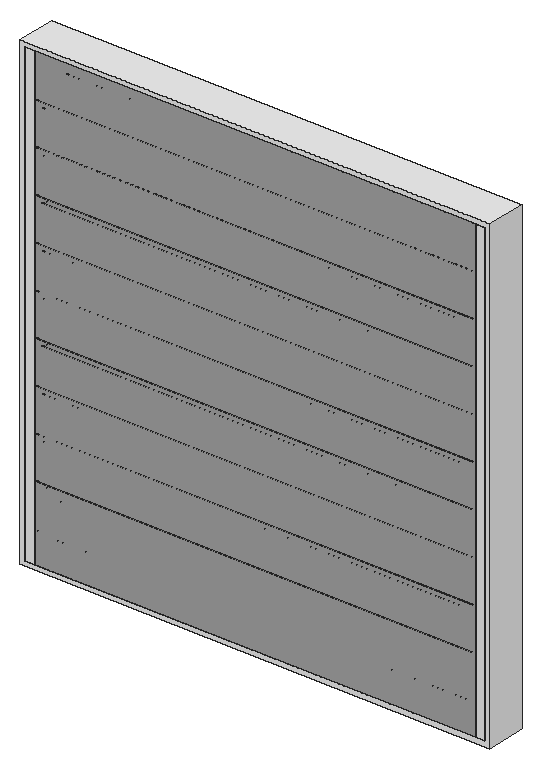
Revit family
Parameters (values of type "Louver_Non-Drnable_EFK-445_All-Lite")
  URL = "http://www.alllite-louvers.com"
  Specifications = "http://www.alllite-louvers.com/catalog/AEFK-445-csi-specification.doc"
  Spacing = 0.417 ft
  SmartBIM Object Version = 3  # constant formula
  SmartBIM Object Created By = "Reed Construction Data"  # constant formula
  Shim Thickness = 0.042 ft
  Screen Width = Width - (2 * Shim Thickness) - 0.166667 ft  # 3.749333 ft
  Screen Height = Height - (2 * Shim Thickness)  # 3.916 ft
  Screen = Aluminum
  Rough Width = 0.0 ft
  Rough Height = 0.0 ft
  Product URL = "http://www.alllite-louvers.com/catalog.php?model=EFK-445"
  Pressure Loss (in.wg.) = "0.08"  # constant formula
  OmniClass Title = "Exterior Louvers and Grilles"  # constant formula
  OmniClass Code = "23-60 11 17"  # constant formula
  Model Number = "EFK-445"  # constant formula
  Minimum Size = "4.5\" x 8.5\""
  Maximum Size - Single Section = "60\" x 120\" or 120\" x 60\""
  Maximum Size - Multiple Section = "Unlimited"
  Manufacturer = "All-Lite"  # constant formula
  Louver Width = Width - (2 * Shim Thickness) - 0.166667 ft  # 3.749333 ft
  Louver = Mill finish, 6063-T5 Extruded Aluminum
  Installation = "http://www.alllite-louvers.com/catalog/Installation.pdf"
  Height = 4.0 ft
  Free Area for 48”x48” Louver = "50.0%"
  Free Area Velocity (fpm) = "689"  # constant formula
  Free Area (ft²) for 48"x48" Louver = 8.0 ft
  Frame = Mill finish, 6063-T5 Extruded Aluminum
  Default Sill Height = 3.0 ft
  Wall Closure = (empty or 0)
  Width = 4.0 ft
  Cut Sheet = "http://www.alllite-louvers.com/catalog/AEFK445.pdf"
  Assembly Code = "B2010300"
  Air Volume Delivered (cfm) = "5,549"  # constant formula
  95 CSI = "10200 "  # constant formula
  04 CSI = "08 91 00"  # constant formula
  # of Louvers = (Height - 0.25 ft) / (Spacing)  # 9
Reference planes (ft)
  plane 1 "Center (Front/Back)": y = 0
  plane 2: z = 0.291667
  plane 3 "Center (Left/Right)": x = 0
  plane 4 "Left": x = -2
  plane 5 "Right": x = 2
  plane 6 "Sill": z = 3.291667
  plane 7 "Top": z = 7.291667
  plane 8: x = -1.958
  plane 9: x = 1.958
  plane 10: z = 7.249667
  plane 11: z = 3.333667
  plane 12: z = 5.291667
  plane 13: z = 3.417
  plane 14: z = 3.584963
  plane 15: z = 6.937167
Forms (ft)
  Sweep 1, solid, material "Mill finish, 6063-T5 Extruded Aluminum" <- "Frame"
    path origin (-5, 0.333333, 0) x (-1, 0, 0) y (0, 0, 1)
      loop
        line (-6.874667, 7.249667) -> (-3.125333, 7.249667)
    profile "Head Horizontal Mullion : Head Horizontal Mullion" origin (0, 0.333333, 7.249667) x (0, 0, 1) y (0, 1, 0)
      loop
        arc (-0.070516, -0.250143) -> (-0.066098, -0.250275) -> (-0.065966, -0.245857) r 0.003125
        arc (-0.065966, -0.245857) -> (-0.072458, -0.24206) -> (-0.079973, -0.242379) r 0.013333
        arc (-0.079973, -0.242379) -> (-0.082687, -0.24204) -> (-0.084094, -0.239694) r 0.003125
        line (-0.084094, -0.239694) -> (-0.091772, -0.151927) -> (-0.077226, -0.00675) -> (-0.00675, -0.00675) -> (-0.00675, -0.03125) -> (0, -0.03125) -> (0, 0) -> (-0.083333, 0) -> (-0.098239, -0.148762)
        arc (-0.098239, -0.148762) -> (-0.100294, -0.151392) -> (-0.103551, -0.150667) r 0.003125
        line (-0.103551, -0.150667) -> (-0.252247, -0.002871)
        arc (-0.252247, -0.002871) -> (-0.255444, -0.000746) -> (-0.259209, 0) r 0.009875
        line (-0.259209, 0) -> (-0.315786, 0)
        arc (-0.315786, 0) -> (-0.319161, -0.003375) -> (-0.315786, -0.00675) r 0.003375
        line (-0.315786, -0.00675) -> (-0.25792, -0.00675) -> (-0.203148, -0.06119)
        arc (-0.203148, -0.06119) -> (-0.202259, -0.06386) -> (-0.203876, -0.066162) r 0.003125
        arc (-0.203876, -0.066162) -> (-0.205688, -0.067329) -> (-0.207288, -0.068774) r 0.013333
        arc (-0.207288, -0.068774) -> (-0.207157, -0.073191) -> (-0.202739, -0.07306) r 0.003125
        arc (-0.202739, -0.07306) -> (-0.1905, -0.077917) -> (-0.202739, -0.082774) r 0.007083
        arc (-0.202739, -0.082774) -> (-0.207157, -0.082642) -> (-0.207288, -0.08706) r 0.003125
        arc (-0.207288, -0.08706) -> (-0.195788, -0.091129) -> (-0.18579, -0.084138) r 0.013333
        arc (-0.18579, -0.084138) -> (-0.183498, -0.082507) -> (-0.180823, -0.08338) r 0.003125
        line (-0.180823, -0.08338) -> (-0.09728, -0.166417) -> (-0.083333, -0.325833) -> (0, -0.325833) -> (0, -0.294583) -> (-0.00675, -0.294583) -> (-0.00675, -0.319083) -> (-0.077148, -0.319083) -> (-0.081308, -0.271536)
        arc (-0.081308, -0.271536) -> (-0.08033, -0.268982) -> (-0.077716, -0.268176) r 0.003125
        arc (-0.077716, -0.268176) -> (-0.071343, -0.267611) -> (-0.065966, -0.264143) r 0.013333
        arc (-0.065966, -0.264143) -> (-0.066098, -0.259725) -> (-0.070516, -0.259857) r 0.003125
        arc (-0.070516, -0.259857) -> (-0.082755, -0.255) -> (-0.070516, -0.250143) r 0.007083
  Sweep 2, solid, material "Mill finish, 6063-T5 Extruded Aluminum" <- "Frame"
    path origin (-5, 0.333333, 0) x (-1, 0, 0) y (0, 0, 1)
      loop
        line (-6.874667, 3.333667) -> (-3.125333, 3.333667)
    profile "Sill-Horizontal Mullion : Sill-Horizontal Mullion" origin (0, 0.333333, 3.333667) x (0, 0, 1) y (0, 1, 0)
      loop
        arc (0.070516, -0.07569) -> (0.066098, -0.075559) -> (0.065966, -0.079976) r 0.003125
        arc (0.065966, -0.079976) -> (0.072458, -0.083774) -> (0.079973, -0.083454) r 0.013333
        arc (0.079973, -0.083454) -> (0.082687, -0.083794) -> (0.084094, -0.086139) r 0.003125
        line (0.084094, -0.086139) -> (0.091772, -0.173906) -> (0.077226, -0.319083) -> (0.00675, -0.319083) -> (0.00675, -0.294583) -> (0, -0.294583) -> (0, -0.325833) -> (0.083333, -0.325833) -> (0.098239, -0.177072)
        arc (0.098239, -0.177072) -> (0.100294, -0.174442) -> (0.103551, -0.175167) r 0.003125
        line (0.103551, -0.175167) -> (0.252247, -0.322962)
        arc (0.252247, -0.322962) -> (0.255444, -0.325087) -> (0.259209, -0.325833) r 0.009875
        line (0.259209, -0.325833) -> (0.315786, -0.325833)
        arc (0.315786, -0.325833) -> (0.319161, -0.322458) -> (0.315786, -0.319083) r 0.003375
        line (0.315786, -0.319083) -> (0.25792, -0.319083) -> (0.203148, -0.264643)
        arc (0.203148, -0.264643) -> (0.202259, -0.261974) -> (0.203876, -0.259672) r 0.003125
        arc (0.203876, -0.259672) -> (0.205688, -0.258504) -> (0.207288, -0.25706) r 0.013333
        arc (0.207288, -0.25706) -> (0.207157, -0.252642) -> (0.202739, -0.252774) r 0.003125
        arc (0.202739, -0.252774) -> (0.1905, -0.247917) -> (0.202739, -0.24306) r 0.007083
        arc (0.202739, -0.24306) -> (0.207157, -0.243191) -> (0.207288, -0.238774) r 0.003125
        arc (0.207288, -0.238774) -> (0.195788, -0.234705) -> (0.18579, -0.241695) r 0.013333
        arc (0.18579, -0.241695) -> (0.183498, -0.243326) -> (0.180823, -0.242454) r 0.003125
        line (0.180823, -0.242454) -> (0.09728, -0.159417) -> (0.083333, 0) -> (0, 0) -> (0, -0.03125) -> (0.00675, -0.03125) -> (0.00675, -0.00675) -> (0.077148, -0.00675) -> (0.081308, -0.054297)
        arc (0.081308, -0.054297) -> (0.08033, -0.056852) -> (0.077716, -0.057658) r 0.003125
        arc (0.077716, -0.057658) -> (0.071343, -0.058222) -> (0.065966, -0.06169) r 0.013333
        arc (0.065966, -0.06169) -> (0.066098, -0.066108) -> (0.070516, -0.065976) r 0.003125
        arc (0.070516, -0.065976) -> (0.082755, -0.070833) -> (0.070516, -0.07569) r 0.007083
  Sweep 3, solid, material "Mill finish, 6063-T5 Extruded Aluminum" <- "Frame"
    path origin (-5, 0.333333, 0) x (-1, 0, 0) y (0, 0, 1)
      loop
        line (-6.958, 3.333667) -> (-6.958, 7.249667)
    profile "Vertical Mullion : Vertical Mullion" origin (1.958, 0.333333, 5.291667) x (1, 0, 0) y (0, 1, 0)
      loop
        line (-0.072917, -0.010417) -> (-0.010417, -0.010417) -> (-0.010417, -0.03125) -> (0, -0.03125) -> (0, 0) -> (-0.083333, 0) -> (-0.083333, -0.333333) -> (0, -0.333333) -> (0, -0.302083) -> (-0.010417, -0.302083) -> (-0.010417, -0.322917) -> (-0.072917, -0.322917) -> (-0.072917, -0.010417)
  Sweep 4, solid, material "Mill finish, 6063-T5 Extruded Aluminum" <- "Frame"
    path origin (5, 0.333333, 0) x (1, 0, 0) y (0, 0, -1)
      loop
        line (-6.958, -3.333667) -> (-6.958, -7.249667)
    profile "Vertical Mullion : Vertical Mullion" origin (-1.958, 0.333333, 5.291667) x (1, 0, 0) y (0, 1, 0)
      loop
        line (0.072917, -0.010417) -> (0.072917, -0.322917) -> (0.010417, -0.322917) -> (0.010417, -0.302083) -> (0, -0.302083) -> (0, -0.333333) -> (0.083333, -0.333333) -> (0.083333, 0) -> (0, 0) -> (0, -0.03125) -> (0.010417, -0.03125) -> (0.010417, -0.010417) -> (0.072917, -0.010417)
  Sweep 5, solid, material "Mill finish, 6063-T5 Extruded Aluminum" <- "Frame"
    path origin (-5, 0.333333, 0) x (-1, 0, 0) y (0, 0, 1)
      loop
        line (-3, 7.291667) -> (-7, 7.291667) -> (-7, 3.291667) -> (-3, 3.291667) -> (-3, 7.291667)
    profile origin (-2, 0.333333, 5.291667) x (0, 1, 0) y (-1, 0, 0)
      loop
        line (0, 0) -> (-0.333333, 0) -> (-0.333333, -0.042) -> (0, -0.042) -> (0, 0)
  Extrusion 6, solid, material "Aluminum" <- "Screen"
    sketch origin (-1.916667, 0, 3.333333) x (0, 0, 1) y (-1, 0, 0)
      loop
        line (0.000333, -3.791333) -> (3.916333, -3.791333) -> (3.916333, -0.042) -> (0.000333, -0.042) -> (0.000333, -3.791333)
    from 0 to -0.0075
Lines and regions (ft)
  Opening 1
    outline origin (-5, -0.333333, 0) x (1, 0, 0) y (0, 0, 1)
      loop
        line (3, 7.291667) -> (3, 3.291667) -> (7, 3.291667) -> (7, 7.291667) -> (3, 7.291667)
  Masking region 1, detail levels fine
    outline origin (0, 0, 0) x (1, 0, 0) y (0, 1, 0)
      loop
        line (-1.958, 0.302083) -> (-1.947583, 0.302083) -> (-1.947583, 0.322917) -> (-1.885083, 0.322917) -> (-1.885083, 0.010417) -> (-1.947583, 0.010417) -> (-1.947583, 0.03125) -> (-1.958, 0.03125) -> (-1.958, 0) -> (-1.874667, 0) -> (-1.874667, 0.333333) -> (-1.958, 0.333333) -> (-1.958, 0.302083)
      loop
        line (1.947583, 0.302083) -> (1.958, 0.302083) -> (1.958, 0.333333) -> (1.874667, 0.333333) -> (1.874667, 0) -> (1.958, 0) -> (1.958, 0.03125) -> (1.947583, 0.03125) -> (1.947583, 0.010417) -> (1.885083, 0.010417) -> (1.885083, 0.322917) -> (1.947583, 0.322917) -> (1.947583, 0.302083)
  Masking region 2, detail levels coarse+medium
    outline origin (0, 0, 0) x (1, 0, 0) y (0, 1, 0)
      loop
        line (2, 0.333333) -> (1.874667, 0.333333) -> (1.874667, 0) -> (2, 0) -> (2, 0.333333)
      loop
        line (-2, 0.333333) -> (-2, 0) -> (-1.874667, 0) -> (-1.874667, 0.333333) -> (-2, 0.333333)
Text (ft)
  text "EXTERIOR" at (-4.890733, 4.242245, 0), in view "Ref. Level"
  text "INTERIOR" at (-4.890733, -3.147199, 0), in view "Ref. Level"
  text "Exterior" at (0, 3.638026, 10.266337), in view "Left"
  text "Exterior" at (0, 1.524487, 10.420622), in view "Right"
Dimensions and locks (ft)
  equal spacing: plane 4 "Left", plane 3 "Center (Left/Right)", plane 5 "Right"
  "Width": plane 4 "Left" to plane 5 "Right"
  "Height": plane 6 "Sill" to plane 7 "Top"
  "Default Sill Height": plane 2 to plane 6 "Sill"
  "Shim Thickness": plane 4 "Left" to plane 8
  "Shim Thickness": plane 9 to plane 5 "Right"
  "Shim Thickness": plane 10 to plane 7 "Top"
  "Shim Thickness": plane 6 "Sill" to plane 11
  equal spacing: plane 11, plane 12, plane 10
  locked: plane 13 to plane 11 at 0.083333
  locked: plane 14 to plane 13 at 0.167963
  equal spacing: group 1, group 3, group 4, group 5, group 6, group 7, group 8, group 9, group 2  (x2)
  equal spacing: group 2, group 9, group 8, group 7, group 6, group 5, group 4, group 3, group 1
  locked: plane 10 to plane 15 at 0.3125
  aligned and locked: plane 7 "Top" to Opening 1 sketch curve
  aligned and locked: plane 6 "Sill" to Opening 1 sketch curve  (x2)
  aligned and locked: plane 5 "Right" to Opening 1 sketch curve
  aligned and locked: plane 4 "Left" to Opening 1 sketch curve
  aligned and locked: plane 10 to Sweep 1 sketch curve
  aligned and locked: Sweep 2 sketch curve to plane 11
  aligned and locked: plane 9 to Sweep 3 sketch curve
  aligned and locked: Sweep 4 sketch curve to plane 8
  aligned and locked: Sweep 5 sketch curve to plane 4 "Left"
  aligned and locked: Sweep 5 sketch curve to plane 7 "Top"
  aligned and locked: Sweep 5 sketch curve to plane 6 "Sill"
  aligned and locked: Sweep 5 sketch curve to plane 5 "Right"
  aligned and locked: Sweep 5 sketch curve to host wall  (x2)
  aligned and locked: plane 8 to Sweep 5 sketch curve
  aligned and locked: plane 3 "Center (Left/Right)" to nested 1
  aligned and locked: plane 10 to Sweep 4 sketch curve
  aligned and locked: profile plane to host wall
  aligned and locked: plane 3 "Center (Left/Right)" to nested 2
  aligned and locked: plane 14 to nested 1
  aligned and locked: plane 11 to Sweep 4 sketch curve
  aligned and locked: plane 11 to Sweep 3 sketch curve
  aligned and locked: Extrusion 6 to Sweep 5 sketch curve
  aligned and locked: nested 2 to plane 15
  aligned and locked: Extrusion 6 sketch curve to Sweep 4  (x2)
  aligned and locked: Sweep 3 to Extrusion 6 sketch curve
  aligned and locked: Sweep 5 to nested 2
  aligned and locked: Sweep 5 to nested 1
  aligned and locked: Sweep 1 sketch curve to Sweep 4
  aligned and locked: Sweep 3 to Sweep 1 sketch curve
  aligned and locked: Sweep 2 sketch curve to Sweep 3
  aligned and locked: Sweep 4 to Sweep 2 sketch curve
  aligned and locked: Extrusion 6 sketch curve to Sweep 3
  aligned and locked: Extrusion 6 to Sweep 4
  aligned and locked: Extrusion 6 to Sweep 1
  aligned and locked: Masking region 1 sketch curve to Sweep 4  (x10)
  aligned and locked: Sweep 5 to Masking region 1 sketch curve  (x2)
  aligned and locked: Masking region 1 sketch curve to Sweep 3  (x10)
  aligned and locked: Masking region 2 sketch curve to host wall  (x3)
  aligned and locked: host wall to Masking region 2 sketch curve
  aligned and locked: Extrusion 6 to Masking region 2 sketch curve
  aligned and locked: Masking region 2 sketch curve to Sweep 3
  aligned and locked: Masking region 2 sketch curve to Extrusion 6
  aligned and locked: Masking region 2 sketch curve to Sweep 4
Automatic sketch dimensions
  Sweep 3 sketch curve to plane 10 = 0.0 ft
  Masking region 1 sketch curve to plane 8 = 0.0 ft  (x2)
  plane 9 to Masking region 1 sketch curve = 0.010417 ft
  Masking region 1 sketch curve to plane 9 = 0.0 ft  (x2)
Nested families (ft)
  nested 1: "Louver Single" at (0, 0.341479, 3.584963), type "Louver"
    with Louver Length 3.749333 ft
  nested 2: "Louver Single" at (0, 0.341479, 6.493533), type "Louver"
    with Louver Length 3.749333 ft
  nested 3: "Louver Single" at (0, 0.341479, 3.948534), type "Louver"
    with Louver Length 3.749333 ft
  nested 4: "Louver Single" at (0, 0.341479, 4.312106), type "Louver"
    with Louver Length 3.749333 ft
  nested 5: "Louver Single" at (0, 0.341479, 4.675677), type "Louver"
    with Louver Length 3.749333 ft
  nested 6: "Louver Single" at (0, 0.341479, 5.039248), type "Louver"
    with Louver Length 3.749333 ft
  nested 7: "Louver Single" at (0, 0.341479, 5.402819), type "Louver"
    with Louver Length 3.749333 ft
  nested 8: "Louver Single" at (0, 0.341479, 5.766391), type "Louver"
    with Louver Length 3.749333 ft
  nested 9: "Louver Single" at (0, 0.341479, 6.129962), type "Louver"
    with Louver Length 3.749333 ft
Connectors (ft)
  hvac at (0, 0, 5.291667), driven by "Screen Width", driven by "Screen Height"
    settings: on Extrusion 6, index 1
Definition of nested family "Louver Single"
  Parameters (values of type "Louver")
    Louver Length = 3.833333 ft
    Frame = none
    Depth = 0.156576 ft
    Louver Single = yes
    Louver = none
    Assembly Code = ""
  Reference planes (ft)
    plane 1 "Center (Front/Back)": y = -0.085938
    plane 2: z = 0
    plane 3 "Center (Left/Right)": x = 0
    plane 4: x = -1.916667
    plane 5: x = 1.916667
    plane 6: y = -0.008146
    plane 7: z = 0.443634
    plane 8: y = -0.333979
  Forms (ft)
    Extrusion 1, solid, material <- "Louver"
      sketch origin (0, 0.02681, -0.008802) x (0, 1, 0) y (0, 0, 1)
        loop
          arc (-0.283083, 0.293427) -> (-0.2863, 0.290397) -> (-0.28327, 0.28718) r 0.003125
          arc (-0.28327, 0.28718) -> (-0.276743, 0.288666) -> (-0.271761, 0.293137) r 0.013333
          arc (-0.271761, 0.293137) -> (-0.269468, 0.294519) -> (-0.266947, 0.293619) r 0.003125
          line (-0.266947, 0.293619) -> (-0.112677, 0.139349)
          arc (-0.112677, 0.139349) -> (-0.111777, 0.136828) -> (-0.113159, 0.134535) r 0.003125
          arc (-0.113159, 0.134535) -> (-0.11763, 0.129553) -> (-0.119116, 0.123026) r 0.013333
          arc (-0.119116, 0.123026) -> (-0.1159, 0.119996) -> (-0.112869, 0.123213) r 0.003125
          arc (-0.112869, 0.123213) -> (-0.10078, 0.128433) -> (-0.106, 0.116344) r 0.007083
          arc (-0.106, 0.116344) -> (-0.109217, 0.113313) -> (-0.106186, 0.110096) r 0.003125
          arc (-0.106186, 0.110096) -> (-0.09966, 0.111583) -> (-0.094678, 0.116054) r 0.013333
          arc (-0.094678, 0.116054) -> (-0.092385, 0.117436) -> (-0.089864, 0.116536) r 0.003125
          line (-0.089864, 0.116536) -> (-0.041706, 0.068378) -> (-0.041706, 0.014995)
          arc (-0.041706, 0.014995) -> (-0.040114, 0.00891) -> (-0.034956, 0.012507) r 0.003833
          line (-0.034956, 0.012507) -> (-0.034956, 0.068585)
          arc (-0.034956, 0.068585) -> (-0.035431, 0.070977) -> (-0.036786, 0.073004) r 0.00625
          line (-0.036786, 0.073004) -> (-0.272411, 0.308629)
          arc (-0.272411, 0.308629) -> (-0.275707, 0.314471) -> (-0.275509, 0.321176) r 0.0125
          arc (-0.275509, 0.321176) -> (-0.274716, 0.322476) -> (-0.273403, 0.323248) r 0.003125
          arc (-0.273403, 0.323248) -> (-0.271212, 0.32566) -> (-0.272359, 0.32871) r 0.003125
          line (-0.272359, 0.32871) -> (-0.352725, 0.391459)
          arc (-0.352725, 0.391459) -> (-0.353693, 0.392654) -> (-0.354039, 0.394152) r 0.003417
          line (-0.354039, 0.394152) -> (-0.354039, 0.449062)
          arc (-0.354039, 0.449062) -> (-0.357414, 0.452437) -> (-0.360789, 0.449062) r 0.003375
          line (-0.360789, 0.449062) -> (-0.360789, 0.392485)
          arc (-0.360789, 0.392485) -> (-0.360105, 0.389525) -> (-0.358193, 0.387165) r 0.00675
          line (-0.358193, 0.387165) -> (-0.282495, 0.32806)
          arc (-0.282495, 0.32806) -> (-0.281404, 0.326424) -> (-0.281506, 0.324461) r 0.003125
          arc (-0.281506, 0.324461) -> (-0.28255, 0.320692) -> (-0.28281, 0.316789) r 0.01925
          arc (-0.28281, 0.316789) -> (-0.283492, 0.314728) -> (-0.285352, 0.313608) r 0.003125
          arc (-0.285352, 0.313608) -> (-0.293265, 0.30886) -> (-0.2962, 0.30011) r 0.013333
          arc (-0.2962, 0.30011) -> (-0.292983, 0.297079) -> (-0.289952, 0.300296) r 0.003125
          arc (-0.289952, 0.300296) -> (-0.277864, 0.305516) -> (-0.283083, 0.293427) r 0.007083
      from -1.916667 to 1.916667
  Dimensions and locks (ft)
    equal spacing: plane 4, plane 3 "Center (Left/Right)", plane 5
    "Louver Length": plane 4 to plane 5
    aligned and locked: Extrusion 1 to plane 4
    aligned and locked: plane 5 to Extrusion 1
  Automatic sketch dimensions
    Extrusion 1 sketch curve to Extrusion 1 sketch curve = 0.0 ft  (x26)
    Extrusion 1 sketch curve to plane 6 = 0.0 ft
    Extrusion 1 sketch curve to plane 6 = 0.001831 ft
    Extrusion 1 sketch curve to plane 6 = 0.003833 ft
    Extrusion 1 sketch curve to Extrusion 1 sketch curve = 0.002917 ft
    plane 1 "Center (Front/Back)" to Extrusion 1 sketch curve = 0.150824 ft
    Extrusion 1 sketch curve to Extrusion 1 sketch curve = 0.000166 ft
    Extrusion 1 sketch curve to Extrusion 1 sketch curve = 0.000879 ft
    Extrusion 1 sketch curve to Extrusion 1 sketch curve = 0.001923 ft
    Extrusion 1 sketch curve to Extrusion 1 sketch curve = 0.002106 ft
    Extrusion 1 sketch curve to Extrusion 1 sketch curve = 0.000988 ft
    Extrusion 1 sketch curve to Extrusion 1 sketch curve = 0.001303 ft
    Extrusion 1 sketch curve to Extrusion 1 sketch curve = 0.000211 ft
    Extrusion 1 sketch curve to Extrusion 1 sketch curve = 0.002911 ft
    Extrusion 1 sketch curve to Extrusion 1 sketch curve = 0.002542 ft
    Extrusion 1 sketch curve to Extrusion 1 sketch curve = 0.003124 ft  (x4)
    Extrusion 1 sketch curve to Extrusion 1 sketch curve = 0.068128 ft
    plane 7 to Extrusion 1 sketch curve = 0.060977 ft
    Extrusion 1 sketch curve to Extrusion 1 sketch curve = 0.002103 ft
    plane 7 to Extrusion 1 sketch curve = 0.003374 ft
    Extrusion 1 sketch curve to Extrusion 1 sketch curve = 0.001314 ft  (x2)
    Extrusion 1 sketch curve to Extrusion 1 sketch curve = 0.003375 ft
    plane 7 to Extrusion 1 sketch curve = 0.065271 ft
    Extrusion 1 sketch curve to Extrusion 1 sketch curve = 0.002596 ft
    Extrusion 1 sketch curve to Extrusion 1 sketch curve = 0.06275 ft
    Extrusion 1 sketch curve to Extrusion 1 sketch curve = 0.00065 ft
    Extrusion 1 sketch curve to Extrusion 1 sketch curve = 0.002463 ft
    Extrusion 1 sketch curve to Extrusion 1 sketch curve = 0.002072 ft
    Extrusion 1 sketch curve to Extrusion 1 sketch curve = 0.002781 ft
    Extrusion 1 sketch curve to Extrusion 1 sketch curve = 0.00011 ft
    Extrusion 1 sketch curve to Extrusion 1 sketch curve = 0.000093 ft  (x3)
    level to Extrusion 1 sketch curve = 0.064202 ft
    level to Extrusion 1 sketch curve = 0.006192 ft
    Extrusion 1 sketch curve to Extrusion 1 sketch curve = 0.000207 ft
    Extrusion 1 sketch curve to Extrusion 1 sketch curve = 0.0005 ft
    Extrusion 1 sketch curve to Extrusion 1 sketch curve = 0.048158 ft
    Extrusion 1 sketch curve to Extrusion 1 sketch curve = 0.000482 ft
    plane 1 "Center (Front/Back)" to Extrusion 1 sketch curve = 0.000122 ft
    Extrusion 1 sketch curve to Extrusion 1 sketch curve = 0.000186 ft
    plane 1 "Center (Front/Back)" to Extrusion 1 sketch curve = 0.000411 ft
    Extrusion 1 sketch curve to Extrusion 1 sketch curve = 0.005463 ft
    Extrusion 1 sketch curve to plane 1 "Center (Front/Back)" = 0.000071 ft
    plane 1 "Center (Front/Back)" to Extrusion 1 sketch curve = 0.002139 ft
    Extrusion 1 sketch curve to Extrusion 1 sketch curve = 0.002604 ft  (x2)
    Extrusion 1 sketch curve to Extrusion 1 sketch curve = 0.001727 ft
    Extrusion 1 sketch curve to Extrusion 1 sketch curve = 0.004814 ft
    Extrusion 1 sketch curve to Extrusion 1 sketch curve = 0.00221 ft  (x2)
